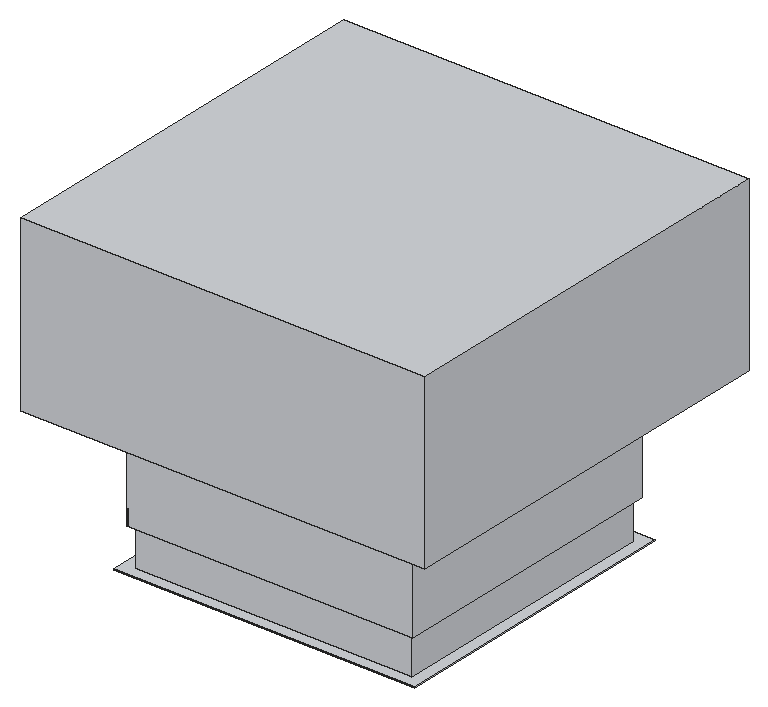
Revit family "ASP-B_BOTTOM", category Mechanical Equipment, Revit 2019
Family settings
  Round Connector Dimension = Use Diameter
  Part Type = Normal
  Work Plane-Based = No
  Always vertical = Yes
  Cut with Voids When Loaded = No
  Shared = No
  Room Calculation Point = No
Parameters (values of type "200_ASP-B_BOTTOM")
  W/2 = W / 2  # 1' - 0 3/8"
  W = 2' - 0 3/4"
  Unit Weight [instance] = ""
  T_SQ/2 = T_SQ / 2  # 2' - 0 1/16"
  T_SQ = 4' - 0 1/8"
  Sones [instance] = ""
  R_O/2 = R_O / 2  # 1' - 9 3/4"
  R_O = 3' - 7 1/2"
  Motor RPM [instance] = ""
  Motor Enclosure [instance] = ""
  ModelID [instance] = ""
  LwA [instance] = ""
  H/2 = H / 2  # 1' - 0 7/16"
  H = 2' - 0 7/8"
  Fan RPM [instance] = ""
  F = 0' - 3"
  E = 0' - 10 5/8"
  D = 0' - 11 11/16"
  CURB_HEIGHT [instance] = 0' - 9 1/2"
  CURB [instance] = yes
  C/2 = C / 2  # 1' - 2 1/2"
  C = 2' - 5"
  Brake Hp [instance] = ""
  B/2 = B / 2  # 1' - 11 5/8"
  B-C = B - C  # 1' - 6 1/4"
  B = 3' - 11 1/4"
  Accessories [instance] = ""
  A/2 = A / 2  # 2' - 10"
  A = 5' - 8"
  4" = 0' - 4"  # constant formula
  2' = 2' - 0"
  2" = 0' - 2"  # constant formula
  1" = 0' - 1"  # constant formula
  0 = 0' - 0"  # constant formula
  Voltage [instance] = 0 V
  URL = "www.lorencook.com"
  Type Comments = "Air Supply Package Forward Curve Belt Drive Bottom Discharge Roof Mounted"  # constant formula
  Static Pressure [instance] = 0.00 in-wg
  Power [instance] = Voltage * Motor FLA * sqrt(if(Phase = 3, 3, 1))  # 0 VA
  Phase [instance] = 0
  Number of Poles [instance] = 1
  Motor Hp [instance] = "0"
  Motor FLA [instance] = 0 A
  Model = "ASP-B BOTTOM"  # constant formula
  Manufacturer = "Loren Cook Company"
  CFM [instance] = 0 CFM
  1.5 = 0' - 1 1/2"  # constant formula
  ONE EIGTH = 0' - 0 1/8"  # constant formula
  -(C/2) = -(C / 2)  # -1' - 2 1/2"
  -(A/2) = -(A / 2)  # -2' - 10"
Types (7): name | W/2 | W | T_SQ/2 | T_SQ | R_O/2 | R_O | H/2 | H | E | D | C/2 | C | B/2 | B-C | B | A/2 | A | -(C/2) | -(A/2)
  (no name) | 1' - 0 3/8" | 2' - 0 3/4" | 2' - 0 1/16" | 4' - 0 1/8" | 1' - 9 3/4" | 3' - 7 1/2" | 1' - 0 7/16" | 2' - 0 7/8" | 0' - 10 5/8" | 0' - 11 11/16" | 1' - 2 1/2" | 2' - 5" | 1' - 11 5/8" | 1' - 6 1/4" | 3' - 11 1/4" | 2' - 10" | 5' - 8" | -1' - 2 1/2" | -2' - 10"
  90_ASP-B_BOTTOM | 0' - 5 25/32" | 0' - 11 9/16" | 1' - 0 1/16" | 2' - 0 1/8" | 0' - 9 3/4" | 1' - 7 1/2" | 0' - 5 1/16" | 0' - 10 1/8" | 0' - 7" | 0' - 6 7/32" | 0' - 5 1/4" | 0' - 10 1/2" | 1' - 1 1/4" | 1' - 4" | 2' - 2 1/2" | 1' - 4 9/16" | 2' - 9 1/8" | -0' - 5 1/4" | -1' - 4 9/16"
  100_ASP-B_BOTTOM | 0' - 6 7/16" | 1' - 0 7/8" | 1' - 2 1/16" | 2' - 4 1/8" | 0' - 11 3/4" | 1' - 11 1/2" | 0' - 5 5/8" | 0' - 11 1/4" | 0' - 8 7/16" | 0' - 7 5/8" | 0' - 6 1/8" | 1' - 0 1/4" | 1' - 3" | 1' - 5 3/4" | 2' - 6" | 1' - 7 1/4" | 3' - 2 1/2" | -0' - 6 1/8" | -1' - 7 1/4"
  120_ASP-B_BOTTOM | 0' - 7 11/16" | 1' - 3 3/8" | 1' - 4 1/16" | 2' - 8 1/8" | 1' - 1 3/4" | 2' - 3 1/2" | 0' - 6 21/32" | 1' - 1 5/16" | 0' - 8 3/4" | 0' - 8 3/8" | 0' - 8 1/4" | 1' - 4 1/2" | 1' - 4 5/8" | 1' - 4 3/4" | 2' - 9 1/4" | 1' - 9 1/4" | 3' - 6 1/2" | -0' - 8 1/4" | -1' - 9 1/4"
  150_ASP-B_BOTTOM | 0' - 9 3/16" | 1' - 6 3/8" | 1' - 4 1/16" | 2' - 8 1/8" | 1' - 1 3/4" | 2' - 3 1/2" | 0' - 7 7/8" | 1' - 3 3/4" | 0' - 6 5/16" | 0' - 6 7/8" | 0' - 8 1/4" | 1' - 4 1/2" | 1' - 6 1/8" | 1' - 7 3/4" | 3' - 0 1/4" | 1' - 10 7/8" | 3' - 9 3/4" | -0' - 8 1/4" | -1' - 10 7/8"
  180_ASP-B_BOTTOM | 0' - 10 13/16" | 1' - 9 5/8" | 1' - 6 1/16" | 3' - 0 1/8" | 1' - 3 3/4" | 2' - 7 1/2" | 0' - 9 3/8" | 1' - 6 3/4" | 0' - 5 5/16" | 0' - 7 1/4" | 0' - 11 3/8" | 1' - 10 3/4" | 1' - 8 1/8" | 1' - 5 1/2" | 3' - 4 1/4" | 2' - 3 7/8" | 4' - 7 3/4" | -0' - 11 3/8" | -2' - 3 7/8"
  200_ASP-B_BOTTOM | 1' - 0 3/8" | 2' - 0 3/4" | 2' - 0 1/16" | 4' - 0 1/8" | 1' - 9 3/4" | 3' - 7 1/2" | 1' - 0 7/16" | 2' - 0 7/8" | 0' - 10 5/8" | 0' - 11 11/16" | 1' - 2 1/2" | 2' - 5" | 1' - 11 5/8" | 1' - 6 1/4" | 3' - 11 1/4" | 2' - 10" | 5' - 8" | -1' - 2 1/2" | -2' - 10"
Reference planes (in)
  plane 1 "Center (Front/Back)": y = 0
  plane 2: z = 0
  plane 3 "Center (Left/Right)": x = 0.40541
Forms (in)
  Extrusion 1, solid
    sketch origin (0, 0, 0) x (1, 0, 0) y (0, 1, 0)
      loop
        line (-23.65709, 24.0625) -> (-23.65709, -24.0625) -> (24.46791, -24.0625) -> (24.46791, 24.0625) -> (-23.65709, 24.0625)
    from 0 to 18.25 <- "B-C"
  Extrusion 2, void
    sketch origin (0, 0, 0) x (1, 0, 0) y (0, 1, 0)
      loop
        line (-23.53209, 23.9375) -> (-23.53209, -23.9375) -> (24.34291, -23.9375) -> (24.34291, 23.9375) -> (-23.53209, 23.9375)
    from 0 to 3
  Extrusion 3, solid
    sketch origin (0, 0, 18.25) x (1, 0, 0) y (0, 1, 0)
      loop
        line (-33.59459, 34) -> (-33.59459, -34) -> (34.40541, -34) -> (34.40541, 34) -> (-33.59459, 34)
    from 0 to 29 <- "C"
  Extrusion 4, void
    sketch origin (0, 0, 0) x (1, 0, 0) y (0, 1, 0)
      loop
        line (-11.15709, 12.5) -> (-11.15709, -12.25) -> (13.71791, -12.25) -> (13.71791, 12.5) -> (-11.15709, 12.5)
    from 0 to 6
  Extrusion 5, solid, visible <- "CURB"
    sketch origin (0, 0, 3) x (0, 1, 0) y (1, 0, 0)
      loop
        line (-21.75, -21.34459) -> (21.75, -21.34459) -> (21.75, 22.15541) -> (-21.75, 22.15541) -> (-21.75, -21.34459)
      loop
        line (23.25, 23.65541) -> (-23.25, 23.65541) -> (-23.25, -22.84459) -> (23.25, -22.84459) -> (23.25, 23.65541)
    from 0 to 9.5 <- "CURB_HEIGHT"
  Extrusion 6, solid, visible <- "CURB"
    sketch origin (0, 0, -6.5) x (-1, 0, 0) y (0, 1, 0)
      loop
        line (22.84459, -23.25) -> (22.84459, 23.25) -> (-23.65541, 23.25) -> (-23.65541, -23.25) -> (22.84459, -23.25)
      loop
        line (-25.65541, 25.25) -> (-25.65541, -25.25) -> (24.84459, -25.25) -> (24.84459, 25.25) -> (-25.65541, 25.25)
    from 0 to -0.125
Cuts and joins
  Extrusion 2, Extrusion 4 cuts Extrusion 1
Dimensions and locks (in)
  "T_SQ/2": Extrusion 1 sketch curve to plane 3 "Center (Left/Right)"
  "T_SQ": Extrusion 1 sketch curve to Extrusion 1 sketch curve  (x2)
  "T_SQ/2": plane 1 "Center (Front/Back)" to Extrusion 1 sketch curve
  "ONE EIGTH": Extrusion 1 to Extrusion 2 sketch curve  (x2)
  "ONE EIGTH": Extrusion 2 sketch curve to Extrusion 1  (x2)
  "A": Extrusion 3 sketch curve to Extrusion 3 sketch curve  (x2)
  "A/2": plane 3 "Center (Left/Right)" to Extrusion 3 sketch curve
  "A/2": plane 1 "Center (Front/Back)" to Extrusion 3 sketch curve
  "W": Extrusion 4 sketch curve to Extrusion 4 sketch curve
  "H": Extrusion 4 sketch curve to Extrusion 4 sketch curve
  "E": Extrusion 4 sketch curve to cut or joined group of Extrusion 1, Extrusion 2, Extrusion 4
  "D": Extrusion 4 sketch curve to cut or joined group of Extrusion 1, Extrusion 2, Extrusion 4
  "1.5": Extrusion 5 sketch curve to Extrusion 5 sketch curve  (x4)
  "R_O/2": Extrusion 5 sketch curve to plane 1 "Center (Front/Back)"
  "R_O/2": plane 1 "Center (Front/Back)" to Extrusion 5 sketch curve
  "R_O/2": plane 3 "Center (Left/Right)" to Extrusion 5 sketch curve
  "R_O/2": Extrusion 5 sketch curve to plane 3 "Center (Left/Right)"
  "2"": Extrusion 6 sketch curve to Extrusion 6 sketch curve  (x4)
  "0": Extrusion 5 to Extrusion 6 sketch curve
  "0": Extrusion 6 sketch curve to Extrusion 5  (x3)
Connectors (in)
  electrical at (0.40541, 0, 3)
    settings: on cut or joined group of Extrusion 1, Extrusion 2, Extrusion 4, index 1, voltage 0 V, apparent load 0 VA, apparent load phase1 0 VA, apparent load phase2 0 VA, apparent load phase3 0 VA, power factor 1, load classification "Other", number of poles 1, system type 30, power factor state 1, is connector primary yes, connector utility no, sub classification motor no, connector description ""
  hvac at (0.40541, 0, 3), driven by "R_O", driven by "R_O", driven by "CFM"
    settings: on cut or joined group of Extrusion 1, Extrusion 2, Extrusion 4, index 2, duct flow 0 CFM, flow factor 0, pres drop 0.00 in-wg, loss coef 0, conn angle 0.00°, conn width 43 1/2", conn height 43 1/2", conn diameter 24", duct sys type 1, conn prof type 1, flow config 0, flow direction 2, loss method 0, conn ref index -1, conn util no, is conn primary yes, conn desc ""
